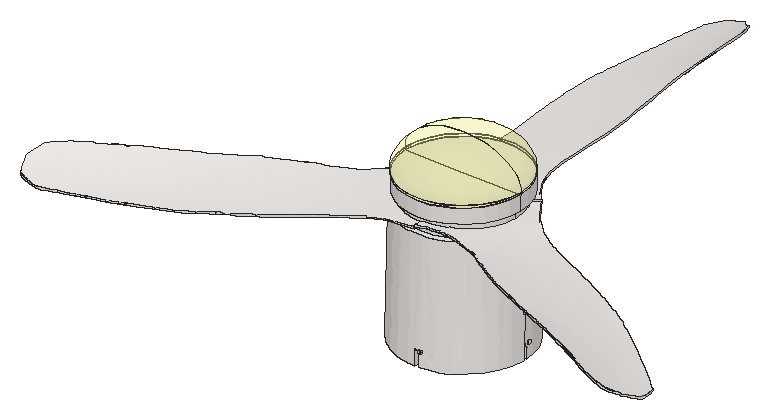
Revit family "Studio DC_48", category Generic Models, host Face, Revit 2020
Family settings
  Host = Face
  Can host rebar = No
  Round Connector Dimension = Use Diameter
  Part Type = Normal
  Cut with Voids When Loaded = No
  Shared = No
  Room Calculation Point = No
Parameters (values of type "Studio DC_48 with LED")
  PLATE = no
  LED = yes
  Default Elevation = 1219.2 mm
Types (2, lengths in mm): name | PLATE | LED
  Studio DC_48 with LED | no | yes
  Studio DC_48 | yes | no
Reference planes
  plane 1 "Center (Front/Back)": y = 0
  plane 2: z = 0
  plane 3 "Center (Left/Right)": x = 0
Forms (mm)
  Extrusion 1, solid, material "Air Openings"
    sketch origin (91.879, -37.136, 0) x (1, 0, 0) y (0, 1, 0)
      loop
        line (1, 5.473) -> (1, -3.272) -> (5.249, -3.272) -> (5.249, 5.473) -> (1, 5.473)
    from 0 to -0.303
Dimensions and locks
  aligned and locked: plane 2 to Extrusion 1
  aligned and locked: level to Extrusion 1
Nested families
  nested 1: "Mounting -MRCM" at (0, 0, 0), type "Mounting -MRCM"
  nested 2: "BLADE - B" at (-141.905, -94.47, 296.662) x (-0.5, 0.866, 0) z (0, 0, -1), type "Blade - B"
  nested 3: "LED" at (0, 0, 256.004), visible <- "LED", type "LED"
  nested 4: "BLADE - B" at (152.766, -75.658, 296.662) x (-0.5, -0.866, 0) z (0, 0, -1), type "Blade - B"
  nested 5: "BLADE - B" at (-10.861, 170.128, 296.662) x (1, 0, 0) z (0, 0, -1), type "Blade - B"
  nested 6: "PLATE" at (0, 0, 256.004), visible <- "PLATE", type "PLATE"
Connectors
  electrical at (6.681, -3.187, 34.425)
    settings: on nested 1, index 1, voltage 0 V, apparent load 0 VA, apparent load phase1 0 VA, apparent load phase2 0 VA, apparent load phase3 0 VA, power factor 1, load classification "Other", number of poles 1, system type 14, power factor state 1, is connector primary yes, connector utility no, sub classification motor no, connector description ""
Definition of nested family "Mounting -MRCM"
  Parameters (values of type "Mounting -MRCM")
    MATERILA FINISH = none
    Default Elevation = 0 mm
  Reference planes
    plane 1 "Center (Front/Back)": y = 0
    plane 2: z = 0
    plane 3 "Center (Left/Right)": x = 0
    plane 4: x = 45
    plane 5: x = 32.5
    plane 6: x = 20
    plane 7: x = 64
    plane 8: x = 120
    plane 9: x = 40
    plane 10: x = 53
    plane 11: x = 60
    plane 12: z = 5
    plane 13: z = 205
  Forms (mm)
    Revolve 1, solid, material <- "MATERILA FINISH"
      sketch origin (0, 0, 490) x (-1, 0, 0) y (0, 0, -1)
        loop
          line (107.078, 490) -> (0, 490) -> (0, 233.996) -> (100.251, 233.996) -> (100.251, 258.996) -> (92.052, 258.996) -> (92.052, 285) -> (103, 285) -> (107.078, 490)
        axis (0, 233.996) -> (0, 490)
      angle from 0 to 360
    Extrusion 2, void
      sketch origin (-4.375, -4.254, 0) x (1, 0, 0) y (0, 0, 1)
        loop
          arc (5.858, 26.435) -> (5.151, 26.142) -> (4.858, 25.435) r 1
          line (4.858, 25.435) -> (4.858, -5.356) -> (10.825, -5.356) -> (10.825, 25.435)
          arc (10.825, 25.435) -> (10.532, 26.142) -> (9.825, 26.435) r 1
          line (9.825, 26.435) -> (5.858, 26.435)
      from -116.364 to 114.789
    Extrusion 3, void
      sketch origin (0, 0, 0) x (1, 0, 0) y (0, 1, 0)
        loop
          arc (48.354, 84.179) -> (-87.621, 41.795) -> (-34.992, -90.552) r 97.078
          arc (-34.992, -90.552) -> (87.621, -41.795) -> (48.354, 84.179) r 97.078
      from 0 to 34.425
    Extrusion 4, void
      sketch origin (-1.575, 8.629, 0) x (0, -1, 0) y (0, 0, 1)
        loop
          arc (5.858, 26.435) -> (5.151, 26.142) -> (4.858, 25.435) r 1
          line (4.858, 25.435) -> (4.858, -5.356) -> (10.825, -5.356) -> (10.825, 25.435)
          arc (10.825, 25.435) -> (10.532, 26.142) -> (9.825, 26.435) r 1
          line (9.825, 26.435) -> (5.858, 26.435)
      from -116.364 to 114.789
    Extrusion 5, solid, material <- "MATERILA FINISH"
      sketch origin (0, 0, 0) x (1, 0, 0) y (0, 0, 1)
        loop
          circle (9.427, 25.044) r 2.667
      from 104.558 to 107.881
    Extrusion 6, void
      sketch origin (0, -107.881, 0) x (-1, 0, 0) y (0, 0, 1)
        loop
          line (-9.077, 27.245) -> (-9.877, 27.245) -> (-9.877, 25.487) -> (-11.6, 25.487) -> (-11.6, 24.687) -> (-9.877, 24.687) -> (-9.877, 22.764) -> (-9.077, 22.764) -> (-9.077, 24.687) -> (-7.145, 24.687) -> (-7.145, 25.487) -> (-9.077, 25.487) -> (-9.077, 27.245)
      from -0.078 to 1
    Extrusion 7, solid, material <- "MATERILA FINISH", not visible
      sketch origin (0, 0, 0) x (1, 0, 0) y (0, 0, 1)
        loop
          circle (9.427, 25.044) r 2.667
      from 104.558 to 107.881
    Extrusion 8, void, not visible
      sketch origin (0, -107.881, 0) x (-1, 0, 0) y (0, 0, 1)
        loop
          line (-9.077, 27.245) -> (-9.877, 27.245) -> (-9.877, 25.487) -> (-11.6, 25.487) -> (-11.6, 24.687) -> (-9.877, 24.687) -> (-9.877, 22.764) -> (-9.077, 22.764) -> (-9.077, 24.687) -> (-7.145, 24.687) -> (-7.145, 25.487) -> (-9.077, 25.487) -> (-9.077, 27.245)
      from -0.078 to 1
    Extrusion 9, solid, material <- "MATERILA FINISH"
      sketch origin (6.724, 0.889, 0) x (-1, 0, 0) y (0, 0, 1)
        loop
          circle (9.427, 25.044) r 2.667
      from 104.558 to 107.881
    Extrusion 10, void
      sketch origin (6.724, 108.77, 0) x (1, 0, 0) y (0, 0, 1)
        loop
          line (-9.077, 27.245) -> (-9.877, 27.245) -> (-9.877, 25.487) -> (-11.6, 25.487) -> (-11.6, 24.687) -> (-9.877, 24.687) -> (-9.877, 22.764) -> (-9.077, 22.764) -> (-9.077, 24.687) -> (-7.145, 24.687) -> (-7.145, 25.487) -> (-9.077, 25.487) -> (-9.077, 27.245)
      from -0.078 to 1
    Extrusion 11, solid, material <- "MATERILA FINISH"
      sketch origin (-0.782, 16.825, 0) x (0, -1, 0) y (0, 0, 1)
        loop
          circle (9.427, 25.044) r 2.667
      from 104.558 to 107.881
    Extrusion 12, void
      sketch origin (-108.663, 16.825, 0) x (0, 1, 0) y (0, 0, 1)
        loop
          line (-9.077, 27.245) -> (-9.877, 27.245) -> (-9.877, 25.487) -> (-11.6, 25.487) -> (-11.6, 24.687) -> (-9.877, 24.687) -> (-9.877, 22.764) -> (-9.077, 22.764) -> (-9.077, 24.687) -> (-7.145, 24.687) -> (-7.145, 25.487) -> (-9.077, 25.487) -> (-9.077, 27.245)
      from -0.078 to 1
    Extrusion 13, solid, material <- "MATERILA FINISH"
      sketch origin (1.239, -1.276, 0) x (0, 1, 0) y (0, 0, 1)
        loop
          circle (9.427, 25.044) r 2.667
      from 104.558 to 107.881
    Extrusion 14, void
      sketch origin (109.121, -1.276, 0) x (0, -1, 0) y (0, 0, 1)
        loop
          line (-9.077, 27.245) -> (-9.877, 27.245) -> (-9.877, 25.487) -> (-11.6, 25.487) -> (-11.6, 24.687) -> (-9.877, 24.687) -> (-9.877, 22.764) -> (-9.077, 22.764) -> (-9.077, 24.687) -> (-7.145, 24.687) -> (-7.145, 25.487) -> (-9.077, 25.487) -> (-9.077, 27.245)
      from -0.078 to 1
  Cuts and joins
    Extrusion 2, Extrusion 3, Extrusion 4, Extrusion 6, Extrusion 10 cuts Revolve 1
    Extrusion 6, Extrusion 10 cuts Extrusion 5
    joined: Revolve 1, Extrusion 5
    Extrusion 10, Extrusion 12 cuts Extrusion 9
    Extrusion 12, Extrusion 14 cuts Extrusion 11
    Extrusion 14 cuts Extrusion 13
  Dimensions and locks
    plane 4 to plane 3 "Center (Left/Right)" = 45 mm
    plane 5 to plane 3 "Center (Left/Right)" = 32.5 mm
    plane 6 to plane 3 "Center (Left/Right)" = 20 mm
    plane 7 to plane 3 "Center (Left/Right)" = 64 mm
    plane 8 to plane 3 "Center (Left/Right)" = 120 mm
    plane 9 to plane 3 "Center (Left/Right)" = 40 mm
    plane 10 to plane 3 "Center (Left/Right)" = 53 mm
    plane 11 to plane 3 "Center (Left/Right)" = 60 mm
    plane 12 to level = 5 mm
    plane 3 "Center (Left/Right)" to Revolve 1 = 107.078 mm
    Revolve 1 to level = 205 mm
    plane 13 to plane 2 = 205 mm
    aligned and locked: level to plane 2
Definition of nested family "BLADE - B"
  Parameters (values of type "Blade - B")
    Default Elevation = 1219.2 mm
    Blade = none
  Reference planes
    plane 1 "Center (Front/Back)": y = 0
    plane 2: z = 0
    plane 3 "Center (Left/Right)": x = 0
    plane 4: y = -942.891
    plane 5 "2": y = -564
  Forms (mm)
    SweptBlend 1, solid, material <- "Blade"
      path origin (65.799, -42.814, -489.507) x (0, 1, 0) y (-0.052336, 0, 0.99863)
        loop
          spline (214.82, 567.249) -> (148.359, 568.004) -> (102.206, 569.438) -> (58.416, 571.656) -> (23.653, 571.827) -> (-22.536, 571.482) -> (-84.377, 570.533) -> (-138.129, 569.522) -> (-173.706, 568.773) -> (-205.79, 568.176) -> (-265.135, 567.692) -> (-394.054, 567.367) -> (-635.18, 567.249)
      profile origin (36.111, 172.006, 76.965) x (0.052336, 0, -0.99863) y (0.99863, 0, 0.052336)
        loop
          line (4.182, 72.651) -> (1.187, 72.816) -> (-10.09, -132.801) -> (-7.094, -132.965) -> (4.182, 72.651)
      end profile origin (36.111, -677.994, 76.965) x (0.052336, 0, -0.99863) y (0.99863, 0, 0.052336)
        loop
          line (-24.138, -116.931) -> (-21.1, -116.931)
          arc (-21.1, -116.931) -> (0.87, -37.839) -> (39.903, 34.374) r 366.248
          line (39.903, 34.374) -> (37.748, 36.529)
          arc (37.748, 36.529) -> (-1.902, -36.69) -> (-24.138, -116.931) r 369.248
    Extrusion 2, void
      sketch origin (-368.807, 117.744, 50) x (1, 0, 0) y (0, 1, 0)
        loop
          line (-59.943, 157.294) -> (-59.943, -956.554) -> (840.057, -956.554) -> (840.057, 157.294) -> (-59.943, 157.294)
        loop
          line (467.463, -6.974) -> (472.413, -2.024) -> (378.913, 52.412) -> (286.512, -0.935) -> (289.589, -6.974)
          spline (289.589, -6.974) -> (312.325, -117.315) -> (302.59, -215.46) -> (298.427, -309.756) -> (307.38, -401.818) -> (324.884, -502.154) -> (380.087, -555.8) -> (415.975, -483.075) -> (419.196, -381.05) -> (425.323, -284.631) -> (431.466, -189.354) -> (427.663, -98.435) -> (467.463, -6.974)
      from -84.044 to 69.718
  Cuts and joins
    Extrusion 2 cuts SweptBlend 1
  Dimensions and locks
    plane 5 "2" to plane 1 "Center (Front/Back)" = 564 mm
    aligned and locked: level to plane 2
Definition of nested family "LED"
  Parameters (values of type "LED")
    MATERIAL FINISH = none
    Default Elevation = 0 mm
  Reference planes
    plane 1 "Center (Front/Back)": y = 0
    plane 2: z = 0
    plane 3 "Center (Left/Right)": x = 0
    plane 4: z = 4
    plane 5: z = 64
  Forms (mm)
    Revolve 1, solid, material <- "MATERIAL FINISH"
      sketch origin (0, 0, 0) x (-1, 0, 0) y (0, 0, -1)
        loop
          line (100.517, -4) -> (100.517, 0) -> (0, 0) -> (0, -63.426)
          spline (0, -63.426) -> (27.408, -61.933) -> (36.491, -60.318) -> (43.792, -58.2) -> (52.161, -55.198) -> (61.016, -51.437) -> (69.397, -47.107) -> (77.537, -41.954) -> (85.359, -35.989) -> (91.405, -30.128) -> (96.003, -23.757) -> (100.419, -15.148) -> (101.317, -4)
          line (101.317, -4) -> (100.517, -4)
        axis (0, -63.426) -> (0, 0)
      angle from 0 to 360
  Dimensions and locks
    plane 4 to plane 2 = 4 mm
    aligned and locked: level to plane 2
Definition of nested family "PLATE"
  Parameters (values of type "PLATE")
    MATERIAL FINISH = none
    Default Elevation = 0 mm
  Reference planes
    plane 1 "Center (Front/Back)": y = 0
    plane 2: z = 0
    plane 3 "Center (Left/Right)": x = 0
    plane 4: z = 20
  Forms (mm)
    Revolve 1, solid, material <- "MATERIAL FINISH"
      sketch origin (0, 0, 0) x (-1, 0, 0) y (0, 0, -1)
        loop
          line (0, 0) -> (0, -20)
          spline (0, -20) -> (17.445, -19.692) -> (33.104, -18.836) -> (47.001, -17.529) -> (59.158, -15.872) -> (69.598, -13.963) -> (78.344, -11.902) -> (85.422, -9.786) -> (90.935, -7.713) -> (95.054, -5.774) -> (97.956, -4.061) -> (99.807, -2.626) -> (100.517, 0)
          line (100.517, 0) -> (0, 0)
        axis (0, -20) -> (0, 0)
      angle from 0 to 360
  Dimensions and locks
    plane 4 to level = 20 mm
    aligned and locked: level to plane 2
